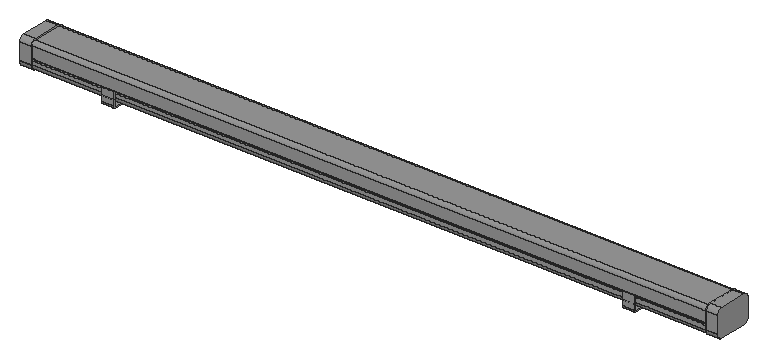
Revit family "EURS_63_LF_FB_Pacific LED_WT490C L1800", category Lighting Fixtures, host Face, Revit 2019 (continued)
Definition of nested family "WT490C IES Data"
  Types (144, lengths in mm): name | Wattage | built-in parameter 1150134 | Photometric Web File | built-in parameter 1150105 | Lumens | Lamp | built-in parameter 1150107 | built-in parameter 1150106 | built-in parameter 1150104 | Apparent Load
    PSD EL3 L1800 1 xLED100S_840 VWB | 3 W | 12 | "WT490C PSD EL3 L1800 1 xLED100S_840 VWB.ies" | 39.789 (stored number, unit not read) | 500 lm | "LED100S/840" | 4000 (stored number, unit not read) | 0.39789 (stored number, unit not read) | 15.484 (stored number, unit not read) | 3 VA
    PSD EL3 L1800 1 xLED100S_840 NB-HRO | 3 W | 12 | "WT490C PSD EL3 L1800 1 xLED100S_840 NB-HRO.ies" | 39.789 (stored number, unit not read) | 500 lm | "LED100S/840" | 4000 (stored number, unit not read) | 0.39789 (stored number, unit not read) | 15.484 (stored number, unit not read) | 3 VA
    PSD EL3 L1800 1 xLED100S_830 WB | 3 W | (empty or 0) | "WT490C PSD EL3 L1800 1 xLED100S_830 WB.ies" | 39.789 (stored number, unit not read) | 500 lm | "LED100S/830" | 3000 (stored number, unit not read) | 0.39789 (stored number, unit not read) | 15.484 (stored number, unit not read) | 3 VA
    PSD EL3 L1800 1 xLED100S_830 VWB | 3 W | (empty or 0) | "WT490C PSD EL3 L1800 1 xLED100S_830 VWB.ies" | 39.789 (stored number, unit not read) | 500 lm | "LED100S/830" | 3000 (stored number, unit not read) | 0.39789 (stored number, unit not read) | 15.484 (stored number, unit not read) | 3 VA
    PSD EL3 L1800 1 xLED100S_830 NB-HRO | 3 W | (empty or 0) | "WT490C PSD EL3 L1800 1 xLED100S_830 NB-HRO.ies" | 39.789 (stored number, unit not read) | 500 lm | "LED100S/830" | 3000 (stored number, unit not read) | 0.39789 (stored number, unit not read) | 15.484 (stored number, unit not read) | 3 VA
  Reference planes
    plane 1 "Center (Front/Back)": y = 0
    plane 2: z = 0
    plane 3 "Center (Left/Right)": x = 0
  Forms (mm)
    Extrusion 1, solid
      sketch origin (0, 0, 0) x (1, 0, 0) y (0, 1, 0)
        loop
          line (-1219.2, 1219.2) -> (-1219.2, -1219.2) -> (1219.2, -1219.2) -> (1219.2, 1219.2) -> (-1219.2, 1219.2)
      from 0 to 123.942
  Dimensions and locks
    aligned and locked: plane 2 to Extrusion 1
    aligned and locked: level to Extrusion 1
